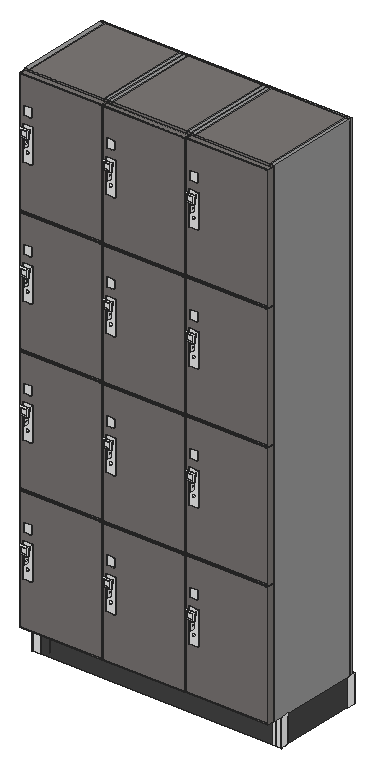
Revit family "Wood_Lockers_Hasps-Salsbury_Industries-44000_Series-3_Wide_Units.rfa", category Specialty Equipment, Revit 2016 (continued)
Definition of nested family "Wood Locker Flat Corner Fillers"
  Reference planes (in)
    plane 3 "Center (Left/Right)": x = 0
    plane 4 "Right Side": x = 8.4375
    plane 5 "Left Side": x = -8.4375
    plane 6 "Front Side": y = -8.4375
    plane 7 "Back Side": y = 8.4375
    plane 8 "Bottom": z = 0
    plane 9 "Top Side": z = 0.75
    plane 10 "Wood - Laminate Line": z = 0.719
    plane 11: x = -5.4375
    plane 12: y = -5.4375
  Forms (in)
    Extrusion 1, solid, visible <- "Visible"
      sketch origin (0, 0, 0) x (0, -1, 0) y (1, 0, 0)
        loop
          line (-8.4375, -8.4375) -> (5.4375, -8.4375) -> (5.4375, -5.4375) -> (8.4375, -5.4375) -> (8.4375, 8.4375) -> (-8.4375, 8.4375) -> (-8.4375, -8.4375)
      from 0 to 0.719
    Extrusion 2, solid, material <- "Laminate Surface", visible <- "Visible"
      sketch origin (0, 0, 0.75) x (1, 0, 0) y (0, 1, 0)
        loop
          line (-8.4375, -5.4375) -> (-5.4375, -5.4375) -> (-5.4375, -8.4375) -> (8.4375, -8.4375) -> (8.4375, 8.4375) -> (-8.4375, 8.4375) -> (-8.4375, -5.4375)
      from -0.031 to 0
  Dimensions and locks (in)
    equal spacing: plane 6 "Front Side", plane 1 "Center (Front/Back)", plane 7 "Back Side"
    equal spacing: plane 5 "Left Side", plane 3 "Center (Left/Right)", plane 4 "Right Side"
    "Width": plane 5 "Left Side" to plane 4 "Right Side"
    "Depth": plane 6 "Front Side" to plane 7 "Back Side"
    "Height": plane 9 "Top Side" to plane 8 "Bottom"
    locked: plane 9 "Top Side" to plane 10 "Wood - Laminate Line" at 0.031
    locked: plane 6 "Front Side" to plane 12 at 3
    locked: plane 5 "Left Side" to plane 11 at 3
    plane 12 to plane 7 "Back Side" = 13.875"
    aligned and locked: level to plane 2
  Automatic sketch dimensions
    Extrusion 2 sketch curve to plane 5 "Left Side" = 0.000"
    plane 6 "Front Side" to Extrusion 2 sketch curve = 0.000"
    Extrusion 2 sketch curve to plane 11 = 0.000"
    Extrusion 2 sketch curve to plane 4 "Right Side" = 0.000"
    Extrusion 2 sketch curve to plane 12 = 0.000"
    plane 7 "Back Side" to Extrusion 2 sketch curve = 0.000"
    Extrusion 1 sketch curve to plane 5 "Left Side" = 0.000"
    plane 7 "Back Side" to Extrusion 1 sketch curve = 0.000"
    Extrusion 1 sketch curve to plane 12 = 0.000"
    Extrusion 1 sketch curve to plane 4 "Right Side" = 0.000"
    plane 6 "Front Side" to Extrusion 1 sketch curve = 0.000"
    Extrusion 1 sketch curve to plane 11 = 0.000"
Definition of nested family "Wood Locker Side Panels-No Slope"
  Parameters (values of type "44330 - 6' H for 15"D Lockers")
    Width = 14.625"
    Visible = yes
    Version = "1.0 (12/15/23)"
    Type Comments = "Side Panel for Premier Wood Lockers without Sloping Hood"
    Model = "44330"
    Manufacturer = "Salsbury Industries"
    Laminate Surface = none
    Height = 72.000"
    Door Trim = none
    Description = "6' H for 15\" D Lockers"
    Depth = 0.750"
  Types (6): name | Width | Visible | Version | Type Comments | Model | Manufacturer | Description
    (no name) | 14.625" | yes | "1.0 (12/15/23)" | "Side Panel for Premier Wood Lockers without Sloping Hood" | "44330" | "Salsbury Industries" | "6' H for 15\" D Lockers"
    44330 - 6' H for 15"D Lockers | 14.625" | yes | "1.0 (12/15/23)" | "Side Panel for Premier Wood Lockers without Sloping Hood" | "44330" | "Salsbury Industries" | "6' H for 15\" D Lockers"
    44333 - 6' H for 18" D Lockers | 17.625" | yes | "1.0 (12/15/23)" | "Side Panel for Premier Wood Lockers withouth Sloping Hood" | "44333" | "Salsbury Industries" | "6' H for 18\" D Lockers"
    44335 - 6' H for 21" D Lockers | 20.625" | yes | "1.0 (12/15/23)" | "Side Panel for Premier Wood Lockers without Sloping Hood" | "44335" | "Salsbury Industries" | "6' H for 21\" D Lockers"
    None | 14.000" | no | "" | "" | "" | "" | ""
    44237 - 6' H for 24" D Lockers | 23.625" | yes | "1.0 (12/15/23)" | "Side Panel for Premier Wood Lockers without Sloping Hood" | "44237" | "Salsbury Industries" | "6' H for 21\" D Lockers"
  Reference planes (in)
    plane 1 "Center (Front/Back)": y = 0
    plane 2: z = 0
    plane 3 "Center (Left/Right)": x = 0
    plane 4 "Back": y = 0.375
    plane 5 "Front": y = -0.375
    plane 6 "Left Side": x = -7.3125
    plane 7 "Right Side": x = 7.3125
    plane 8 "Bottom": z = 0
    plane 9 "Top": z = 72
    plane 10 "Center Elevation": z = 36
    plane 11 "Wood - Laminate Edge": y = -0.344
    plane 12 "Right Side of Wood": x = 7.2815
    plane 13 "Left Side of Wood": x = -7.2815
    plane 14 "Top of Wood": z = 71.969
    plane 15 "Bottom of Wood": z = 0.031
  Forms (in)
    Extrusion 1, solid, visible <- "Visible"
      sketch origin (0, 0.375, 0) x (1, 0, 0) y (0, 0, 1)
        loop
          line (7.2815, 71.969) -> (-7.2815, 71.969) -> (-7.2815, 0.031) -> (7.2815, 0.031) -> (7.2815, 71.969)
      from 0 to 0.719
    Extrusion 2, solid, material <- "Laminate Surface", visible <- "Visible"
      sketch origin (0, -0.375, 0) x (1, 0, 0) y (0, 0, 1)
        loop
          line (-7.3125, 72) -> (-7.3125, 0) -> (7.3125, 0) -> (7.3125, 72) -> (-7.3125, 72)
      from -0.031 to 0
    Extrusion 3, solid, material <- "Laminate Surface", visible <- "Visible"
      sketch origin (0, 0, 0) x (1, 0, 0) y (0, 0, 1)
        loop
          line (-7.3125, 0) -> (7.3125, 0) -> (7.3125, 72) -> (-7.3125, 72) -> (-7.3125, 0)
        loop
          line (-7.2815, 0.031) -> (7.2815, 0.031) -> (7.2815, 71.969) -> (-7.2815, 71.969) -> (-7.2815, 0.031)
      from -0.375 to 0.344
  Dimensions and locks (in)
    equal spacing: plane 6 "Left Side", plane 3 "Center (Left/Right)", plane 7 "Right Side"
    plane 5 "Front" to plane 1 "Center (Front/Back)" to plane 4 "Back" = 0.375", 0.375"
    "Width": plane 6 "Left Side" to plane 7 "Right Side"
    "Depth": plane 5 "Front" to plane 4 "Back"
    equal spacing: plane 9 "Top", plane 10 "Center Elevation", plane 8 "Bottom"
    "Height": plane 9 "Top" to plane 8 "Bottom"
    locked: plane 5 "Front" to plane 11 "Wood - Laminate Edge" at 0.031
    locked: plane 15 "Bottom of Wood" to plane 8 "Bottom" at 0.031
    locked: plane 12 "Right Side of Wood" to plane 7 "Right Side" at 0.031
    locked: plane 6 "Left Side" to plane 13 "Left Side of Wood" at 0.031
    locked: plane 9 "Top" to plane 14 "Top of Wood" at 0.031
    aligned and locked: level to plane 2
    aligned and locked: Extrusion 2 sketch curve to plane 7 "Right Side"
    aligned and locked: plane 8 "Bottom" to Extrusion 2 sketch curve
    aligned and locked: plane 6 "Left Side" to Extrusion 2 sketch curve
    aligned and locked: plane 9 "Top" to Extrusion 2 sketch curve
    aligned and locked: Extrusion 3 to plane 4 "Back"
    aligned and locked: plane 11 "Wood - Laminate Edge" to Extrusion 3
  Automatic sketch dimensions
    plane 13 "Left Side of Wood" to Extrusion 1 sketch curve = 0.000"
    plane 12 "Right Side of Wood" to Extrusion 1 sketch curve = 0.000"
    Extrusion 1 sketch curve to plane 15 "Bottom of Wood" = 0.000"
    Extrusion 1 sketch curve to plane 14 "Top of Wood" = 0.000"
    plane 13 "Left Side of Wood" to Extrusion 3 sketch curve = 0.000"
    Extrusion 3 sketch curve to level = 0.000"
    plane 13 "Left Side of Wood" to Extrusion 3 sketch curve = 0.031"
    plane 12 "Right Side of Wood" to Extrusion 3 sketch curve = 0.000"
    plane 7 "Right Side" to Extrusion 3 sketch curve = 0.000"
    Extrusion 3 sketch curve to plane 15 "Bottom of Wood" = 0.000"
    Extrusion 3 sketch curve to plane 14 "Top of Wood" = 0.000"
    Extrusion 3 sketch curve to plane 9 "Top" = 0.000"
Definition of nested family "Wood Locker Side Panels-With Slope"
  Parameters (values of type "44334 - 6' H  for 18" D Lockers")
    Width = 17.625"
    Visible = yes
    Version = "1.0 (12/15/23)"
    Type Comments = "Side Panel for Premier Wood Lockers with Sloping Hood"
    Slope Height = 6.806"
    Model = "44334"
    Manufacturer = "Salsbury Industries"
    Laminate Surface = none
    Height = 72.062"
    Door Trim = none
    Description = "6' H for 18\" D Lockers"
    Depth = 0.750"
  Types (6): name | Width | Visible | Version | Type Comments | Slope Height | Model | Manufacturer | Height | Description
    (no name) | 17.625" | yes | "1.0 (12/15/23)" | "Side Panel for Premier Wood Lockers with Sloping Hood" | 6.806" | "44334" | "Salsbury Industries" | 72.062" | "6' H for 18\" D Lockers"
    44334 - 6' H  for 18" D Lockers | 17.625" | yes | "1.0 (12/15/23)" | "Side Panel for Premier Wood Lockers with Sloping Hood" | 6.806" | "44334" | "Salsbury Industries" | 72.062" | "6' H for 18\" D Lockers"
    44336 - 6' H for 21" D Lockers | 20.625" | yes | "1.0 (12/15/23)" | "Side Panel for Premier Wood Lockers with Sloping Hood" | 7.931" | "44336" | "Salsbury Industries" | 72.062" | "6' H for 21\" D Lockers"
    None | 14.625" | no | "" | "" | 5.681" | "" | "" | 72.062" | ""
    44339 - 6' H for 15" D Lockers | 14.625" | yes | "1.0 (12/15/23)" | "Side Panel for Premier Wood Lockers with Sloping Hood" | 5.681" | "44339" | "Salsbury Industries" | 72.062" | "6' H for 15\" D Lockers"
    44238- 6' H for 24" D Lockers | 23.625" | yes | "1.0 (12/15/23)" | "Side Panel for Premier Wood Lockers with Sloping Hood" | 8.608" | "44238" | "Salsbury Industries" | 72.153" | "6' H for 24\" D Lockers"
  Reference planes (in)
    plane 1 "Center (Front/Back)": y = 0
    plane 2: z = 0
    plane 3 "Center (Left/Right)": x = 0
    plane 4 "Back": y = 0.375
    plane 5 "Front": y = -0.375
    plane 6 "Left Side": x = -8.8125
    plane 7 "Right Side": x = 8.8125
    plane 8 "Bottom": z = 0
    plane 9 "Top": z = 72.062
    plane 10 "Center Elevation": z = 36.031
    plane 11 "Wood - Laminate Edge": y = -0.344
    plane 12 "Right Side of Wood": x = 8.7815
    plane 13 "Left Side of Wood": x = -8.7815
    plane 14 "Top of Wood": z = 71.937
    plane 15 "Bottom of Wood": z = 0.031
    plane 16: z = 78.868
    plane 17: z = 78.743
  Forms (in)
    Extrusion 1, solid, visible <- "Visible"
      sketch origin (0, 0.375, 0) x (1, 0, 0) y (0, 0, 1)
        loop
          line (-8.8125, 78.837) -> (-8.8125, 0) -> (8.7815, 0) -> (8.7815, 72.04287) -> (-8.8125, 78.837)
      from 0 to 0.719
    Extrusion 2, solid, material <- "Laminate Surface", visible <- "Visible"
      sketch origin (0, -0.375, 0) x (1, 0, 0) y (0, 0, 1)
        loop
          line (-8.8125, 0) -> (8.8125, 0) -> (8.8125, 72.062) -> (-8.8125, 78.868) -> (-8.8125, 0)
      from -0.031 to 0
    Extrusion 3, solid, material <- "Laminate Surface", visible <- "Visible"
      sketch origin (0, -0.375, 0) x (1, 0, 0) y (0, 0, 1)
        loop
          line (8.8125, 0) -> (8.8125, 72.062) -> (-8.8125, 78.868) -> (-8.8125, 78.837) -> (8.7815, 72.04287) -> (8.7815, 0) -> (8.8125, 0)
      from -0.031 to -0.75
  Dimensions and locks (in)
    equal spacing: plane 6 "Left Side", plane 3 "Center (Left/Right)", plane 7 "Right Side"
    plane 5 "Front" to plane 1 "Center (Front/Back)" to plane 4 "Back" = 0.375", 0.375"
    "Width": plane 6 "Left Side" to plane 7 "Right Side"
    "Depth": plane 5 "Front" to plane 4 "Back"
    equal spacing: plane 9 "Top", plane 10 "Center Elevation", plane 8 "Bottom"
    "Height": plane 9 "Top" to plane 8 "Bottom"
    locked: plane 5 "Front" to plane 11 "Wood - Laminate Edge" at 0.031
    locked: plane 15 "Bottom of Wood" to plane 8 "Bottom" at 0.031
    locked: plane 12 "Right Side of Wood" to plane 7 "Right Side" at 0.031
    locked: plane 6 "Left Side" to plane 13 "Left Side of Wood" at 0.031
    locked: plane 9 "Top" to plane 14 "Top of Wood" at 0.125
    "Slope Height": plane 16 to plane 9 "Top"
    locked: plane 16 to plane 17 at 0.125
    aligned and locked: level to plane 2
    aligned and locked: Extrusion 3 to plane 4 "Back"
    aligned and locked: plane 11 "Wood - Laminate Edge" to Extrusion 3
  Automatic sketch dimensions
    plane 6 "Left Side" to Extrusion 2 sketch curve = 0.000"
    plane 7 "Right Side" to Extrusion 2 sketch curve = 0.000"
    Extrusion 2 sketch curve to level = 0.000"
    Extrusion 2 sketch curve to plane 9 "Top" = 0.000"
    Extrusion 2 sketch curve to plane 16 = 0.000"
    Extrusion 1 sketch curve to level = 0.000"
    plane 6 "Left Side" to Extrusion 1 sketch curve = 0.000"
    plane 12 "Right Side of Wood" to Extrusion 1 sketch curve = 0.000"
    plane 9 "Top" to Extrusion 1 sketch curve = 0.01913"
    plane 6 "Left Side" to Extrusion 3 sketch curve = 0.000"
    plane 12 "Right Side of Wood" to Extrusion 3 sketch curve = 0.000"
    plane 7 "Right Side" to Extrusion 3 sketch curve = 0.000"
    Extrusion 3 sketch curve to level = 0.000"
    Extrusion 3 sketch curve to plane 9 "Top" = 0.000"
    Extrusion 3 sketch curve to plane 16 = 0.000"
    plane 9 "Top" to Extrusion 3 sketch curve = 0.01913"
    plane 16 to Extrusion 3 sketch curve = 0.031"
    plane 16 to Extrusion 1 sketch curve = 0.031"
Definition of nested family "Wood Locker Double Side Panels-No Slope"
  Parameters (values of type "44330DE - 6' H for 15"D Lockers")
    Width = 29.250"
    Visible = yes
    Version = "1.0 (12/15/23)"
    Type Comments = "Double End Panel for Premier Wood Lockers"
    Model = "44330DE"
    Manufacturer = "Salsbury Industries"
    Laminate Surface = none
    Height = 72.000"
    Door Trim = none
    Description = "For 6' H x 15\" D without Sloping Hood"
    Depth = 0.750"
  Types (6): name | Width | Visible | Version | Type Comments | Model | Manufacturer | Description
    (no name) | 29.250" | yes | "1.0 (12/15/23)" | "Double End Panel for Premier Wood Lockers" | "44330DE" | "Salsbury Industries" | "For 6' H x 15\" D without Sloping Hood"
    44330DE - 6' H for 15"D Lockers | 29.250" | yes | "1.0 (12/15/23)" | "Double End Panel for Premier Wood Lockers" | "44330DE" | "Salsbury Industries" | "For 6' H x 15\" D without Sloping Hood"
    44333DE - 6' H for 18" D Lockers | 35.250" | yes | "1.0 (12/15/23)" | "Double End Panel for Premier Wood Lockers" | "44333DE" | "Salsbury Industries" | "For 6' H x 18\" D without Sloping Hood"
    44335DE - 6' H for 21" D Lockers | 41.250" | yes | "1.0 (12/15/23)" | "Double End Panel for Premier Wood Lockers" | "44335DE" | "Salsbury Industries" | "For 6' H x 21\" D without Sloping Hood"
    None | 14.000" | no | "" | "" | "" | "" | ""
    44237DE - 6' H for 24" D Lockers | 47.250" | yes | "1.0 (12/15/23)" | "Double End Panel for Premier Wood Lockers" | "44237DE" | "Salsbury Industries" | "For 6' H x 21\" D without Sloping Hood"
  Reference planes (in)
    plane 1 "Center (Front/Back)": y = 0
    plane 2: z = 0
    plane 3 "Center (Left/Right)": x = 0
    plane 4 "Back": y = 0.375
    plane 5 "Front": y = -0.375
    plane 6 "Left Side": x = -14.625
    plane 7 "Right Side": x = 14.625
    plane 8 "Bottom": z = 0
    plane 9 "Top": z = 72
    plane 10 "Center Elevation": z = 36
    plane 11 "Wood - Laminate Edge": y = -0.344
    plane 12 "Right Side of Wood": x = 14.594
    plane 13 "Left Side of Wood": x = -14.594
    plane 14 "Top of Wood": z = 71.969
    plane 15 "Bottom of Wood": z = 0.031
  Forms (in)
    Extrusion 1, solid, visible <- "Visible"
      sketch origin (0, 0.375, 0) x (1, 0, 0) y (0, 0, 1)
        loop
          line (14.594, 71.969) -> (-14.594, 71.969) -> (-14.594, 0.031) -> (14.594, 0.031) -> (14.594, 71.969)
      from 0 to 0.719
    Extrusion 2, solid, material <- "Laminate Surface", visible <- "Visible"
      sketch origin (0, -0.375, 0) x (1, 0, 0) y (0, 0, 1)
        loop
          line (-14.625, 72) -> (-14.625, 0) -> (14.625, 0) -> (14.625, 72) -> (-14.625, 72)
      from -0.031 to 0
    Extrusion 3, solid, material <- "Laminate Surface", visible <- "Visible"
      sketch origin (0, 0, 0) x (1, 0, 0) y (0, 0, 1)
        loop
          line (-14.625, 0) -> (14.625, 0) -> (14.625, 72) -> (-14.625, 72) -> (-14.625, 0)
        loop
          line (14.594, 71.969) -> (-14.594, 71.969) -> (-14.594, 0.031) -> (14.594, 0.031) -> (14.594, 71.969)
      from -0.375 to 0.344
  Dimensions and locks (in)
    equal spacing: plane 6 "Left Side", plane 3 "Center (Left/Right)", plane 7 "Right Side"
    plane 5 "Front" to plane 1 "Center (Front/Back)" to plane 4 "Back" = 0.375", 0.375"
    "Width": plane 6 "Left Side" to plane 7 "Right Side"
    "Depth": plane 5 "Front" to plane 4 "Back"
    equal spacing: plane 9 "Top", plane 10 "Center Elevation", plane 8 "Bottom"
    "Height": plane 9 "Top" to plane 8 "Bottom"
    locked: plane 5 "Front" to plane 11 "Wood - Laminate Edge" at 0.031
    locked: plane 15 "Bottom of Wood" to plane 8 "Bottom" at 0.031
    plane 12 "Right Side of Wood" to plane 7 "Right Side" = 0.031"
    locked: plane 6 "Left Side" to plane 13 "Left Side of Wood" at 0.031
    locked: plane 9 "Top" to plane 14 "Top of Wood" at 0.031
    aligned and locked: level to plane 2
    aligned and locked: plane 8 "Bottom" to Extrusion 2 sketch curve
    aligned and locked: plane 6 "Left Side" to Extrusion 2 sketch curve
    aligned and locked: Extrusion 2 sketch curve to plane 7 "Right Side"
    aligned and locked: plane 9 "Top" to Extrusion 2 sketch curve
    aligned and locked: Extrusion 3 to plane 4 "Back"
    aligned and locked: plane 11 "Wood - Laminate Edge" to Extrusion 3
  Automatic sketch dimensions
    plane 13 "Left Side of Wood" to Extrusion 1 sketch curve = 0.000"
    plane 12 "Right Side of Wood" to Extrusion 1 sketch curve = 0.000"
    Extrusion 1 sketch curve to plane 15 "Bottom of Wood" = 0.000"
    Extrusion 1 sketch curve to plane 14 "Top of Wood" = 0.000"
    Extrusion 3 sketch curve to level = 0.000"
    plane 6 "Left Side" to Extrusion 3 sketch curve = 0.000"
    plane 7 "Right Side" to Extrusion 3 sketch curve = 0.000"
    Extrusion 3 sketch curve to plane 9 "Top" = 0.000"
    plane 13 "Left Side of Wood" to Extrusion 3 sketch curve = 0.000"
    Extrusion 3 sketch curve to plane 15 "Bottom of Wood" = 0.000"
    Extrusion 3 sketch curve to plane 14 "Top of Wood" = 0.000"
    plane 12 "Right Side of Wood" to Extrusion 3 sketch curve = 0.000"
Definition of nested family "Wood Locker Double Side Panels-With Slope"
  Parameters (values of type "44339DE - 6' H for 15"D Lockers")
    Width = 29.250"
    Visible = yes
    Version = "1.0 (12/15/23)"
    Type Comments = "Double End Panel for Premier Wood Lockers"
    Slope Height = 5.681"
    Model = "44339DE"
    Manufacturer = "Salsbury Industries"
    Laminate Surface = none
    Height = 72.062"
    Door Trim = none
    Description = "For 6' H x 15\" D Lockers with Sloping Hood"
    Depth = 0.750"
  Types (6): name | Width | Visible | Version | Type Comments | Slope Height | Model | Manufacturer | Height | Description
    (no name) | 29.250" | yes | "1.0 (12/15/23)" | "Double End Panel for Premier Wood Lockers" | 5.681" | "44339DE" | "Salsbury Industries" | 72.062" | "For 6' H x 15\" D Lockers with Sloping Hood"
    44339DE - 6' H for 15"D Lockers | 29.250" | yes | "1.0 (12/15/23)" | "Double End Panel for Premier Wood Lockers" | 5.681" | "44339DE" | "Salsbury Industries" | 72.062" | "For 6' H x 15\" D Lockers with Sloping Hood"
    44334DE - 6' H  for 18" D Lockers | 35.250" | yes | "1.0 (12/15/23)" | "Double End Panel for Premier Wood Lockers" | 6.806" | "44334DE" | "Salsbury Industries" | 72.062" | "For 6' H x 18\" D Lockers with Sloping Hood"
    44336DE - 6' H for 21" D Lockers | 41.250" | yes | "1.0 (12/15/23)" | "Double End Panel for Premier Wood Lockers" | 7.931" | "44336DE" | "Salsbury Industries" | 72.062" | "For 6' H x 21\" D Lockers with Sloping Hood"
    None | 14.000" | no | "" | "" | 5.500" | "" | "" | 72.000" | ""
    44238DE - 6' H for 24" D Lockers | 47.250" | yes | "1.0 (12/15/23)" | "Double End Panel for Premier Wood Lockers" | 8.895" | "442386DE" | "Salsbury Industries" | 72.153" | "For 6' H x 21\" D Lockers with Sloping Hood"
  Reference planes (in)
    plane 1 "Center (Front/Back)": y = 0
    plane 2: z = 0
    plane 3 "Center (Left/Right)": x = 0
    plane 4 "Back": y = 0.375
    plane 5 "Front": y = -0.375
    plane 6 "Left Side": x = -14.625
    plane 7 "Right Side": x = 14.625
    plane 8 "Bottom": z = 0
    plane 9 "Top": z = 72.062
    plane 10 "Center Elevation": z = 36.031
    plane 11 "Wood - Laminate Edge": y = -0.344
    plane 12 "Right Side of Wood": x = 14.594
    plane 13 "Left Side of Wood": x = -14.594
    plane 14 "Top of Wood": z = 71.937
    plane 15 "Bottom of Wood": z = 0.125
    plane 16: z = 77.743
    plane 17: z = 77.712
  Forms (in)
    Extrusion 1, solid, visible <- "Visible"
      sketch origin (0, 0.375, 0) x (1, 0, 0) y (0, 0, 1)
        loop
          line (14.594, 72.031) -> (0, 77.712) -> (-14.594, 72.031) -> (-14.594, 0) -> (14.594, 0) -> (14.594, 72.031)
      from 0 to 0.719
    Extrusion 2, solid, material <- "Laminate Surface", visible <- "Visible"
      sketch origin (0, -0.375, 0) x (1, 0, 0) y (0, 0, 1)
        loop
          line (14.625, 0) -> (14.625, 72.062) -> (0, 77.743) -> (-14.625, 72.062) -> (-14.625, 0) -> (14.625, 0)
      from -0.031 to 0
    Extrusion 3, solid, material <- "Laminate Surface", visible <- "Visible"
      sketch origin (0, 0.375, 0) x (1, 0, 0) y (0, 0, 1)
        loop
          line (14.625, 0) -> (14.625, 72.062) -> (0, 77.743) -> (-14.625, 72.062) -> (-14.625, 0) -> (-14.594, 0) -> (-14.594, 72.031) -> (0, 77.712) -> (14.594, 72.031) -> (14.594, 0) -> (14.625, 0)
      from 0 to 0.719
  Dimensions and locks (in)
    equal spacing: plane 6 "Left Side", plane 3 "Center (Left/Right)", plane 7 "Right Side"
    plane 5 "Front" to plane 1 "Center (Front/Back)" to plane 4 "Back" = 0.375", 0.375"
    "Width": plane 6 "Left Side" to plane 7 "Right Side"
    "Depth": plane 5 "Front" to plane 4 "Back"
    equal spacing: plane 9 "Top", plane 10 "Center Elevation", plane 8 "Bottom"
    "Height": plane 9 "Top" to plane 8 "Bottom"
    locked: plane 5 "Front" to plane 11 "Wood - Laminate Edge" at 0.031
    locked: plane 15 "Bottom of Wood" to plane 8 "Bottom" at 0.125
    locked: plane 12 "Right Side of Wood" to plane 7 "Right Side" at 0.031
    locked: plane 6 "Left Side" to plane 13 "Left Side of Wood" at 0.031
    locked: plane 9 "Top" to plane 14 "Top of Wood" at 0.125
    "Slope Height": plane 16 to plane 9 "Top"
    locked: plane 16 to plane 17 at 0.031
    aligned and locked: level to plane 2
    aligned and locked: Extrusion 3 to plane 4 "Back"
    aligned and locked: plane 11 "Wood - Laminate Edge" to Extrusion 3
  Automatic sketch dimensions
    plane 6 "Left Side" to Extrusion 2 sketch curve = 0.000"
    Extrusion 2 sketch curve to plane 3 "Center (Left/Right)" = 0.000"
    plane 7 "Right Side" to Extrusion 2 sketch curve = 0.000"
    Extrusion 2 sketch curve to level = 0.000"
    Extrusion 2 sketch curve to plane 9 "Top" = 0.000"  (x2)
    Extrusion 2 sketch curve to plane 16 = 0.000"
    Extrusion 1 sketch curve to level = 0.000"
    plane 13 "Left Side of Wood" to Extrusion 1 sketch curve = 0.000"
    Extrusion 1 sketch curve to plane 3 "Center (Left/Right)" = 0.000"
    plane 12 "Right Side of Wood" to Extrusion 1 sketch curve = 0.000"
    Extrusion 1 sketch curve to plane 17 = 0.000"
    plane 9 "Top" to Extrusion 1 sketch curve = 0.031"  (x2)
    Extrusion 3 sketch curve to level = 0.000"  (x2)
    plane 6 "Left Side" to Extrusion 3 sketch curve = 0.000"
    plane 13 "Left Side of Wood" to Extrusion 3 sketch curve = 0.000"
    Extrusion 3 sketch curve to plane 3 "Center (Left/Right)" = 0.000"  (x2)
    plane 12 "Right Side of Wood" to Extrusion 3 sketch curve = 0.000"
    plane 7 "Right Side" to Extrusion 3 sketch curve = 0.000"
    Extrusion 3 sketch curve to plane 9 "Top" = 0.000"  (x2)
    plane 9 "Top" to Extrusion 3 sketch curve = 0.031"  (x2)
    Extrusion 3 sketch curve to plane 17 = 0.000"
    Extrusion 3 sketch curve to plane 16 = 0.000"
Definition of nested family "Wood Locker Front Fillers"
  Parameters (values of type "44469 - 9" W for 6' H Lockers without Base")
    Width = 9.000"
    Visible Base = no
    Visible = yes
    Version = "1.0 (1/31/24)"
    Type Comments = "Front Vertical Filler for Premier Wood Lockers"
    Model = "44469"
    Manufacturer = "Salsbury Industries"
    Laminate Surface = none
    Height = 72.000"
    Description = "For 6' H Lockers"
    Depth = 0.750"
    Base Height = 0.000"
  Types (6): name | Width | Visible Base | Visible | Version | Type Comments | Model | Manufacturer | Description | Base Height
    (no name) | 9.000" | no | yes | "1.0 (1/31/24)" | "Front Vertical Filler for Premier Wood Lockers" | "44469" | "Salsbury Industries" | "For 6' H Lockers" | 0.000"
    44467 - 15"W for 6' H Lockers with Base | 15.000" | yes | yes | "1.0 (01/31/24)" | "Front Vertical Filler for Premier Wood Lockers" | "444367" | "Salsbury Industries" | "For 6' H Lockers" | 4.000"
    None | 15.000" | no | no | "" | "" | "" | "" | "" | 4.000"
    44469 - 9" W for 6' H Lockers with Base | 9.000" | yes | yes | "1.0 (01/31/24)" | "Front Vertical Filler for Premier Wood Lockers" | "44469" | "Salsbury Industries" | "For 6' H Lockers" | 4.000"
    44467 - 15" W for 6'H Lockers without Base | 15.000" | no | yes | "1.0 (01/31/24)" | "Front Vertical Filler for Premier Wood Lockers" | "44467" | "Salsbury Industries" | "For 6' H Lockers" | 0.000"
    44469 - 9" W for 6' H Lockers without Base | 9.000" | no | yes | "1.0 (1/31/24)" | "Front Vertical Filler for Premier Wood Lockers" | "44469" | "Salsbury Industries" | "For 6' H Lockers" | 0.000"
  Reference planes (in)
    plane 1 "Center (Front/Back)": y = 0
    plane 2: z = 0
    plane 3 "Center (Left/Right)": x = 0
    plane 4 "Back": y = 0.375
    plane 5 "Front": y = -0.375
    plane 6 "Left Side": x = -4.5
    plane 7 "Right Side": x = 4.5
    plane 8 "Bottom": z = 0
    plane 9 "Top": z = 72
    plane 10 "Center Elevation": z = 36
    plane 11 "Wood - Laminate Edge": y = -0.344
    plane 12 "Right Side of Wood": x = 4.375
    plane 13 "Left Side of Wood": x = -4.375
    plane 14 "Top of Wood": z = 71.875
    plane 15 "Bottom of Wood": z = 0.125
    plane 16 "Front of Base Filler": y = 1
  Forms (in)
    Extrusion 1, solid, visible <- "Visible"
      sketch origin (0, 0.375, 0) x (1, 0, 0) y (0, 0, 1)
        loop
          line (4.5, 72) -> (-4.5, 72) -> (-4.5, 0) -> (4.5, 0) -> (4.5, 72)
      from 0 to 0.719
    Extrusion 2, solid, material <- "Laminate Surface", visible <- "Visible"
      sketch origin (0, -0.375, 0) x (1, 0, 0) y (0, 0, 1)
        loop
          line (-4.5, 72) -> (-4.5, 0) -> (4.5, 0) -> (4.5, 72) -> (-4.5, 72)
      from -0.031 to 0
    Extrusion 3, solid, visible <- "Visible Base"
      sketch origin (0, 0, 0) x (1, 0, 0) y (0, 1, 0)
        loop
          line (-4.5, 1.75) -> (-4.5, 0.375) -> (4.5, 0.375) -> (4.5, 1.75) -> (-4.5, 1.75)
      from 0 to 0.75
    Extrusion 4, solid, visible <- "Visible Base"
      sketch origin (0, 0, 0) x (1, 0, 0) y (0, 1, 0)
        loop
          line (-4.5, 1.75) -> (-4.5, 1) -> (4.5, 1) -> (4.5, 1.75) -> (-4.5, 1.75)
      from 0 to -4
  Dimensions and locks (in)
    equal spacing: plane 6 "Left Side", plane 3 "Center (Left/Right)", plane 7 "Right Side"
    plane 5 "Front" to plane 1 "Center (Front/Back)" to plane 4 "Back" = 0.375", 0.375"
    "Width": plane 6 "Left Side" to plane 7 "Right Side"
    "Depth": plane 5 "Front" to plane 4 "Back"
    equal spacing: plane 9 "Top", plane 10 "Center Elevation", plane 8 "Bottom"
    locked: plane 5 "Front" to plane 11 "Wood - Laminate Edge" at 0.031
    locked: plane 15 "Bottom of Wood" to plane 8 "Bottom" at 0.125
    locked: plane 12 "Right Side of Wood" to plane 7 "Right Side" at 0.125
    locked: plane 6 "Left Side" to plane 13 "Left Side of Wood" at 0.125
    locked: plane 9 "Top" to plane 14 "Top of Wood" at 0.125
    locked: plane 5 "Front" to plane 16 "Front of Base Filler" at 1.375
    "Base Height": plane 8 "Bottom" to plane 2
    "Height": plane 9 "Top" to plane 8 "Bottom"
    aligned and locked: level to plane 2
    aligned and locked: plane 8 "Bottom" to Extrusion 1
  Automatic sketch dimensions
    plane 6 "Left Side" to Extrusion 1 sketch curve = 0.000"
    plane 7 "Right Side" to Extrusion 1 sketch curve = 0.000"
    level to Extrusion 1 sketch curve = 0.000"
    Extrusion 1 sketch curve to plane 9 "Top" = 0.000"
    plane 6 "Left Side" to Extrusion 2 sketch curve = 0.000"
    plane 7 "Right Side" to Extrusion 2 sketch curve = 0.000"
    plane 15 "Bottom of Wood" to Extrusion 2 sketch curve = 0.125"
    Extrusion 2 sketch curve to plane 9 "Top" = 0.000"
    plane 4 "Back" to Extrusion 3 sketch curve = 0.000"
    Extrusion 3 sketch curve to plane 6 "Left Side" = 0.000"
    Extrusion 3 sketch curve to plane 7 "Right Side" = 0.000"
    Extrusion 3 sketch curve to plane 16 "Front of Base Filler" = 0.750"
    Extrusion 4 sketch curve to plane 6 "Left Side" = 0.000"
    Extrusion 4 sketch curve to plane 7 "Right Side" = 0.000"
    plane 16 "Front of Base Filler" to Extrusion 4 sketch curve = 0.000"
    Extrusion 4 sketch curve to plane 16 "Front of Base Filler" = 0.750"
Definition of nested family "Wood Locker Front Corner Filler"
  Parameters (values of type "44464 - for 6' H Lockers with Base")
    Width = 2.250"
    Visible Base = yes
    Visible = yes
    Version = "1.0 (12/15/23)"
    Type Comments = "Front Vertical Corner Filler for Designer Wood Lockers"
    Primary Structure Materials = none
    Model = "44464"
    Manufacturer = "Salsbury Industries"
    Laminate Surface = none
    Height = 72.000"
    Description = "For 6' H Lockers"
    Depth = 0.750"
    Base Primary Materials = none
    Base Height = 4.000"
  Types (3): name | Visible Base | Visible | Version | Type Comments | Model | Manufacturer | Description | Base Height
    None | no | no | "" | "" | "" | "" | "" | 4.000"
    44464 - for 6'H Lockers without Base | no | yes | "1.0 (12/15/23)" | "Front Vertical Corner Filler for Designer Wood Lockers" | "44464" | "Salsbury Industries" | "For 6' H Lockers" | 0.000"
    44464 - for 6' H Lockers with Base | yes | yes | "1.0 (12/15/23)" | "Front Vertical Corner Filler for Designer Wood Lockers" | "44464" | "Salsbury Industries" | "For 6' H Lockers" | 4.000"
  Reference planes (in)
    plane 1 "Center (Front/Back)": y = 0
    plane 2 "Bottom of Base": z = 0
    plane 3 "Center (Left/Right)": x = 0
    plane 4 "Back": y = 0.375
    plane 5 "Front": y = -0.375
    plane 6 "Left Side": x = -1.125
    plane 7 "Right Side": x = 1.125
    plane 8 "Bottom": z = 4
    plane 9 "Top": z = 76
    plane 10 "Center Elevation": z = 40
    plane 11 "Wood - Laminate Edge": y = -0.344
    plane 12 "Right Side of Wood": x = 1
    plane 13 "Left Side of Wood": x = -1
    plane 14 "Top of Wood": z = 75.875
    plane 15 "Bottom of Wood": z = 4.125
    plane 16 "Front of Base Filler": y = 1
  Forms (in)
    Extrusion 1, solid, material <- "Primary Structure Materials", visible <- "Visible"
      sketch origin (0, 0.375, 0) x (1, 0, 0) y (0, 0, 1)
        loop
          line (1.125, 76) -> (-1.156, 76) -> (-1.156, 4) -> (1.125, 4) -> (1.125, 76)
      from 0 to 0.719
    Extrusion 2, solid, material <- "Laminate Surface", visible <- "Visible"
      sketch origin (0, -0.375, 0) x (1, 0, 0) y (0, 0, 1)
        loop
          line (-1.125, 76) -> (-1.125, 4) -> (1.125, 4) -> (1.125, 76) -> (-1.125, 76)
      from -0.031 to 0
    Extrusion 3, solid, material <- "Primary Structure Materials", visible <- "Visible"
      sketch origin (-1.875, -1.5, 0) x (0, 1, 0) y (0, 0, 1)
        loop
          line (1.875, 76) -> (-1.125, 76) -> (-1.125, 4) -> (1.875, 4) -> (1.875, 76)
      from 0 to 0.719
    Extrusion 4, solid, material <- "Laminate Surface", visible <- "Visible"
      sketch origin (-1.125, -1.5, 0) x (0, 1, 0) y (0, 0, 1)
        loop
          line (-1.125, 76) -> (-1.125, 4) -> (1.156, 4) -> (1.156, 76) -> (-1.125, 76)
      from -0.031 to 0
    Extrusion 5, solid, material <- "Base Primary Materials", visible <- "Visible Base"
      sketch origin (0, 0, 0) x (1, 0, 0) y (0, 1, 0)
        loop
          line (-3.25, 1.75) -> (-3.25, -2.625) -> (-1.875, -2.625) -> (-1.875, 1.75) -> (-3.25, 1.75)
      from 4 to 4.75
    Extrusion 6, solid, material <- "Base Primary Materials", visible <- "Visible Base"
      sketch origin (0, 0, 0) x (1, 0, 0) y (0, 1, 0)
        loop
          line (-1.875, 1.75) -> (-1.875, 0.375) -> (1.125, 0.375) -> (1.125, 1.75) -> (-1.875, 1.75)
      from 4 to 4.75
    Extrusion 7, solid, material <- "Base Primary Materials", visible <- "Visible Base"
      sketch origin (0, 0, 0) x (1, 0, 0) y (0, 1, 0)
        loop
          line (1.125, 1.75) -> (-2.43407, 1.75) -> (-2.43407, 1) -> (1.125, 1) -> (1.125, 1.75)
      from 0 to 4
    Extrusion 8, solid, material <- "Base Primary Materials", visible <- "Visible Base"
      sketch origin (0, 0, 0) x (1, 0, 0) y (0, 1, 0)
        loop
          line (-3.25, 1.75) -> (-3.25, -2.625) -> (-2.43407, -2.625) -> (-2.43407, 1.75) -> (-3.25, 1.75)
      from 0 to 4
  Dimensions and locks (in)
    equal spacing: plane 6 "Left Side", plane 3 "Center (Left/Right)", plane 7 "Right Side"
    plane 5 "Front" to plane 1 "Center (Front/Back)" to plane 4 "Back" = 0.375", 0.375"
    "Width": plane 6 "Left Side" to plane 7 "Right Side"
    "Depth": plane 5 "Front" to plane 4 "Back"
    equal spacing: plane 9 "Top", plane 10 "Center Elevation", plane 8 "Bottom"
    "Height": plane 9 "Top" to plane 8 "Bottom"
    locked: plane 5 "Front" to plane 11 "Wood - Laminate Edge" at 0.031
    locked: plane 15 "Bottom of Wood" to plane 8 "Bottom" at 0.125
    locked: plane 12 "Right Side of Wood" to plane 7 "Right Side" at 0.125
    locked: plane 6 "Left Side" to plane 13 "Left Side of Wood" at 0.125
    locked: plane 9 "Top" to plane 14 "Top of Wood" at 0.125
    locked: plane 5 "Front" to plane 16 "Front of Base Filler" at 1.375
    "Base Height": plane 8 "Bottom" to plane 2 "Bottom of Base"
    aligned and locked: level to plane 2 "Bottom of Base"
    aligned and locked: plane 8 "Bottom" to Extrusion 1
    aligned and locked: Extrusion 7 to Extrusion 5
    aligned and locked: Extrusion 8 to Extrusion 5
    aligned and locked: Extrusion 7 to Extrusion 8
  Automatic sketch dimensions
    Extrusion 1 sketch curve to plane 9 "Top" = 0.000"
    Extrusion 1 sketch curve to plane 8 "Bottom" = 0.000"
    plane 7 "Right Side" to Extrusion 1 sketch curve = 0.000"
    plane 6 "Left Side" to Extrusion 1 sketch curve = 0.031"
    plane 6 "Left Side" to Extrusion 2 sketch curve = 0.000"
    plane 7 "Right Side" to Extrusion 2 sketch curve = 0.000"
    Extrusion 2 sketch curve to plane 8 "Bottom" = 0.000"
    Extrusion 2 sketch curve to plane 9 "Top" = 0.000"
    plane 9 "Top" to Extrusion 3 sketch curve = 0.000"
    plane 8 "Bottom" to Extrusion 3 sketch curve = 0.000"
    Extrusion 3 sketch curve to plane 4 "Back" = 0.000"
    plane 5 "Front" to Extrusion 3 sketch curve = 2.250"
    plane 8 "Bottom" to Extrusion 4 sketch curve = 0.000"
    plane 9 "Top" to Extrusion 4 sketch curve = 0.000"
    Extrusion 4 sketch curve to plane 11 "Wood - Laminate Edge" = 0.000"
    plane 5 "Front" to Extrusion 4 sketch curve = 2.250"
    plane 6 "Left Side" to Extrusion 5 sketch curve = 2.125"
    plane 6 "Left Side" to Extrusion 5 sketch curve = 0.750"
    plane 5 "Front" to Extrusion 5 sketch curve = 2.250"
    Extrusion 5 sketch curve to plane 16 "Front of Base Filler" = 0.750"
    plane 16 "Front of Base Filler" to Extrusion 7 sketch curve = 0.000"
    Extrusion 7 sketch curve to plane 7 "Right Side" = 0.000"
    plane 6 "Left Side" to Extrusion 7 sketch curve = 1.30907"
    Extrusion 7 sketch curve to plane 16 "Front of Base Filler" = 0.750"
    plane 6 "Left Side" to Extrusion 8 sketch curve = 2.125"
    Extrusion 8 sketch curve to Extrusion 8 sketch curve = 0.81593"
    plane 5 "Front" to Extrusion 8 sketch curve = 2.250"
    Extrusion 8 sketch curve to plane 16 "Front of Base Filler" = 0.750"
    plane 4 "Back" to Extrusion 6 sketch curve = 0.000"
    Extrusion 6 sketch curve to plane 7 "Right Side" = 0.000"
    plane 6 "Left Side" to Extrusion 6 sketch curve = 0.750"
    Extrusion 6 sketch curve to plane 16 "Front of Base Filler" = 0.750"
Definition of nested family "Wood Locker Sloping In-Line Fillers"
  Parameters (values of type "44481 - 15" W for 21" D Lockers")
    Width = 15.000"
    Visible = yes
    Version = "1.0 (12/15/23)"
    Type Comments = "Sloping Hood In-Line Filler for Premier Wood Lockers"
    Model = "44481"
    Manufacturer = "Salsbury Industries"
    Laminate Surface = none
    Height = 7.993"
    Description = "For 21\" D Lockers"
    Depth = 20.625"
  Types (10): name | Width | Visible | Version | Type Comments | Model | Manufacturer | Height | Description | Depth
    (no name) | 15.000" | yes | "1.0 (12/15/23)" | "Sloping Hood In-Line Filler for Premier Wood Lockers" | "44481" | "Salsbury Industries" | 7.993" | "For 21\" D Lockers" | 20.625"
    44487 - 15" W for 15" D Lockers | 15.000" | yes | "1.0 (12/15/23)" | "Sloping Hood In-Line Filler for Premier Wood Lockers" | "44487" | "Salsbury Industries" | 5.743" | "For 15\" D Lockers" | 14.625"
    44488 - 15" W for 18" D Lockers | 15.000" | yes | "1.0 (12/15/23)" | "Sloping Hood In-Line Filler for Premier Wood Lockers" | "44488" | "Salsbury Industries" | 6.868" | "For 18\" D Lockers" | 17.625"
    44481 - 15" W for 21" D Lockers | 15.000" | yes | "1.0 (12/15/23)" | "Sloping Hood In-Line Filler for Premier Wood Lockers" | "44481" | "Salsbury Industries" | 7.993" | "For 21\" D Lockers" | 20.625"
    None | 12.000" | no | "" | "" | "" | "" | 5.500" | "" | 14.000"
    44489 - 15" W for 24" D Lockers | 15.000" | yes | "1.0 (12/15/23)" | "Sloping Hood In-Line Filler for Premier Wood Lockers" | "44489" | "Salsbury Industries" | 8.875" | "For 24\" D Lockers" | 23.000"
    44488 - 9" W for 18" D Lockers | 9.000" | yes | "1.0 (12/15/23)" | "Sloping Hood In-Line Filler for Premier Wood Lockers" | "44488" | "Salsbury Industries" | 6.868" | "For 18\" D Lockers" | 17.625"
    44487 - 9" W for 15" D Lockers | 9.000" | yes | "1.0 (12/15/23)" | "Sloping Hood In-Line Filler for Premier Wood Lockers" | "44487" | "Salsbury Industries" | 5.743" | "For 15\" D Lockers" | 14.625"
    44481 - 9" W for 21" D Lockers | 9.000" | yes | "1.0 (12/15/23)" | "Sloping Hood In-Line Filler for Premier Wood Lockers" | "44481" | "Salsbury Industries" | 7.750" | "For 21\" D Lockers" | 20.000"
    44489 - 9" W for 24" D Lockers | 9.000" | yes | "1.0 (12/15/23)" | "Sloping Hood In-Line Filler for Premier Wood Lockers" | "44489" | "Salsbury Industries" | 8.875" | "For 24\" D Lockers" | 23.000"
  Reference planes (in)
    plane 1 "Center (Front/Back)": y = 0
    plane 2: z = 0
    plane 3 "Center (Left/Right)": x = 0
    plane 4 "Front of Hood": y = -10.3125
    plane 5 "Back of Hood": y = 10.3125
    plane 6 "Right Side of Hood": x = 7.5
    plane 7 "Left Side of Hood": x = -7.5
    plane 8 "Bottom of Hood": z = 0
    plane 9 "Top of Hood": z = 7.993
    plane 10: x = 6.75
    plane 11: x = -6.75
    plane 12: y = -10.2815
    plane 13: y = -9.5625
    plane 14: z = 7.962
    plane 15: z = 7.243
    plane 16: z = 0.062
    plane 17: z = 0.75
  Forms (in)
    Extrusion 1, solid, visible <- "Visible"
      sketch origin (0, 0, 0) x (0, 1, 0) y (0, 0, 1)
        loop
          line (-8.47273, 0) -> (10.3125, 7.243) -> (10.3125, 7.962) -> (-10.23269, 0.062) -> (-10.2815, 0.062) -> (-10.2815, 0) -> (-8.47273, 0)
      from -7.5 to 7.5
    Extrusion 2, solid, material <- "Laminate Surface", visible <- "Visible"
      sketch origin (0, 0, 0) x (0, 1, 0) y (0, 0, 1)
        loop
          line (-10.3125, 0.062) -> (-10.3125, 0) -> (-10.2815, 0) -> (-10.2815, 0.062) -> (-10.3125, 0.062)
      from -7.5 to 7.5
    Extrusion 3, solid, material <- "Laminate Surface", visible <- "Visible"
      sketch origin (0, 0, 0) x (0, 1, 0) y (0, 0, 1)
        loop
          line (10.3125, 7.993) -> (-10.3125, 0.062) -> (-10.23269, 0.062) -> (10.3125, 7.962) -> (10.3125, 7.993)
      from -7.5 to 7.5
  Dimensions and locks (in)
    equal spacing: plane 7 "Left Side of Hood", plane 3 "Center (Left/Right)", plane 6 "Right Side of Hood"
    "Width": plane 7 "Left Side of Hood" to plane 6 "Right Side of Hood"
    equal spacing: plane 4 "Front of Hood", plane 1 "Center (Front/Back)", plane 5 "Back of Hood"
    "Depth": plane 4 "Front of Hood" to plane 5 "Back of Hood"
    "Height": plane 9 "Top of Hood" to plane 8 "Bottom of Hood"
    plane 7 "Left Side of Hood" to plane 11 = 0.750"
    plane 10 to plane 6 "Right Side of Hood" = 0.750"
    plane 4 "Front of Hood" to plane 12 to plane 13 = 0.031" locked, 0.719" locked
    plane 15 to plane 14 to plane 9 "Top of Hood" = 0.719" locked, 0.031" locked
    locked: plane 16 to plane 8 "Bottom of Hood" at 0.062
    locked: plane 17 to plane 8 "Bottom of Hood" at 0.75
    aligned and locked: level to plane 2
    aligned and locked: Extrusion 1 to plane 6 "Right Side of Hood"
    aligned and locked: plane 7 "Left Side of Hood" to Extrusion 1
    aligned and locked: plane 7 "Left Side of Hood" to Extrusion 3
    aligned and locked: Extrusion 3 to plane 6 "Right Side of Hood"
    aligned and locked: Extrusion 2 to plane 6 "Right Side of Hood"
    aligned and locked: plane 7 "Left Side of Hood" to Extrusion 2
  Automatic sketch dimensions
    Extrusion 2 sketch curve to level = 0.000"
    Extrusion 2 sketch curve to plane 4 "Front of Hood" = 0.000"
    Extrusion 2 sketch curve to plane 12 = 0.000"
    plane 16 to Extrusion 2 sketch curve = 0.000"
    Extrusion 3 sketch curve to plane 4 "Front of Hood" = 0.000"
    plane 16 to Extrusion 3 sketch curve = 0.000"
    Extrusion 3 sketch curve to plane 5 "Back of Hood" = 0.000"
    plane 14 to Extrusion 3 sketch curve = 0.000"
    plane 9 "Top of Hood" to Extrusion 3 sketch curve = 0.000"
    Extrusion 3 sketch curve to plane 12 = 0.04881"
    Extrusion 1 sketch curve to level = 0.000"
    Extrusion 1 sketch curve to plane 12 = 0.000"
    plane 16 to Extrusion 1 sketch curve = 0.000"
    Extrusion 1 sketch curve to plane 5 "Back of Hood" = 0.000"
    plane 15 to Extrusion 1 sketch curve = 0.000"
    plane 14 to Extrusion 1 sketch curve = 0.000"
    Extrusion 1 sketch curve to plane 13 = 1.08977"
    Extrusion 1 sketch curve to plane 12 = 0.04881"
Definition of nested family "Wood Locker Flat In-Line Fillers"
  Parameters (values of type "44447 - 15" W for 15" D Lockers")
    Width = 15.000"
    Visible = yes
    Version = "1.0 (12/15/23)"
    Type Comments = "Flat Top In-Line Filler for Premier Wood Lockers"
    Model = "44447"
    Manufacturer = "Salsbury Industries"
    Laminate Surface = none
    Height = 0.750"
    Description = "For 15\" D Lockers"
    Depth = 13.250"
  Types (10): name | Width | Visible | Version | Type Comments | Model | Manufacturer | Description | Depth
    (no name) | 15.000" | yes | "1.0 (12/15/23)" | "Flat Top In-Line Filler for Premier Wood Lockers" | "44447" | "Salsbury Industries" | "For 15\" D Lockers" | 13.250"
    44447 - 15" W for 15" D Lockers | 15.000" | yes | "1.0 (12/15/23)" | "Flat Top In-Line Filler for Premier Wood Lockers" | "44447" | "Salsbury Industries" | "For 15\" D Lockers" | 13.250"
    44448 - 15" W for 18" D Lockers | 15.000" | yes | "1.0 (12/15/23)" | "Flat Top In-Line Filler for Premier Wood Lockers" | "44448" | "Salsbury Industries" | "For 18\" D Lockers" | 16.250"
    44441 - 15" W for 21" D Lockers | 15.000" | yes | "1.0 (12/15/23)" | "Flat Top In-Line Filler for Premier Wood Lockers" | "44441" | "Salsbury Industries" | "For 21\" D Lockers" | 19.250"
    None | 15.000" | no | "" | "" | "" | "" | "" | 13.250"
    44448 - 9" W for 18" D Lockers | 9.000" | yes | "1.0 (12/15/23)" | "Flat Top In-Line Filler for Premier Wood Lockers" | "44448" | "Salsbury Industries" | "For 18\" D Lockers" | 16.250"
    44447 - 9" W for 15" D Lockers | 9.000" | yes | "1.0 (12/15/23)" | "Flat Top In-Line Filler for Premier Wood Lockers" | "44447" | "Salsbury Industries" | "For 15\" D Lockers" | 13.250"
    44441 - 9" W for 21" D Lockers | 9.000" | yes | "1.0 (12/15/23)" | "Flat Top In-Line Filler for Premier Wood Lockers" | "44441" | "Salsbury Industries" | "For 21\" D Lockers" | 19.250"
    44449 - 15" W for 24" D Lockers | 15.000" | yes | "1.0 (12/15/23)" | "Flat Top In-Line Filler for Premier Wood Lockers" | "44449" | "Salsbury Industries" | "For 24\" D Lockers" | 22.250"
    44449 - 9" W for 24" D Lockers | 9.000" | yes | "1.0 (12/15/23)" | "Flat Top In-Line Filler for Premier Wood Lockers" | "44449" | "Salsbury Industries" | "For 24\" D Lockers" | 22.250"
  Reference planes (in)
    plane 1 "Center (Front/Back)": y = 0
    plane 2: z = 0
    plane 3 "Center (Left/Right)": x = 0
    plane 4 "Right Side": x = 7.5
    plane 5 "Left Side": x = -7.5
    plane 6 "Front Side": y = -6.625
    plane 7 "Back Side": y = 6.625
    plane 8 "Bottom": z = 0
    plane 9 "Top Side": z = 0.75
    plane 10 "Wood - Laminate Line": z = 0.719
  Forms (in)
    Extrusion 1, solid, visible <- "Visible"
      sketch origin (0, 0, 0) x (0, -1, 0) y (1, 0, 0)
        loop
          line (-6.625, -7.5) -> (6.625, -7.5) -> (6.625, 7.5) -> (-6.625, 7.5) -> (-6.625, -7.5)
      from 0 to 0.719
    Extrusion 2, solid, material <- "Laminate Surface", visible <- "Visible"
      sketch origin (0, 0, 0.75) x (1, 0, 0) y (0, 1, 0)
        loop
          line (-7.5, -6.625) -> (7.5, -6.625) -> (7.5, 6.625) -> (-7.5, 6.625) -> (-7.5, -6.625)
      from -0.031 to 0
  Dimensions and locks (in)
    equal spacing: plane 6 "Front Side", plane 1 "Center (Front/Back)", plane 7 "Back Side"
    equal spacing: plane 5 "Left Side", plane 3 "Center (Left/Right)", plane 4 "Right Side"
    "Width": plane 5 "Left Side" to plane 4 "Right Side"
    "Depth": plane 6 "Front Side" to plane 7 "Back Side"
    "Height": plane 9 "Top Side" to plane 8 "Bottom"
    locked: plane 9 "Top Side" to plane 10 "Wood - Laminate Line" at 0.031
    aligned and locked: level to plane 2
  Automatic sketch dimensions
    Extrusion 1 sketch curve to plane 4 "Right Side" = 0.000"
    plane 7 "Back Side" to Extrusion 1 sketch curve = 0.000"
    Extrusion 1 sketch curve to plane 5 "Left Side" = 0.000"
    plane 6 "Front Side" to Extrusion 1 sketch curve = 0.000"
    Extrusion 2 sketch curve to plane 5 "Left Side" = 0.000"
    plane 4 "Right Side" to Extrusion 2 sketch curve = 0.000"
    plane 6 "Front Side" to Extrusion 2 sketch curve = 0.000"
    Extrusion 2 sketch curve to plane 7 "Back Side" = 0.000"
Definition of nested family "Wood Locker Fascia Fillers"
  Parameters (values of type "44462 - for 3-Wide Units")
    Width = 36.000"
    Visible = yes
    Type Comments = "Front Fascia Filler for Premier Wood Lockers"
    Model = "44462"
    Manufacturer = "Salsbury Industries"
    Laminate Surface = none
    Height = 4.000"
    Description = "4' W for Standard Designer Lockers"
    Depth = 0.750"
  Types (4): name | Width | Visible | Type Comments | Model | Manufacturer | Description
    (no name) | 36.000" | yes | "Front Fascia Filler for Premier Wood Lockers" | "44462" | "Salsbury Industries" | "4' W for Standard Designer Lockers"
    44462 - for 1-Wide Units | 12.000" | yes | "Front Fascia Filler for Premier Wood Lockers" | "44462" | "Salsbury Industries" | "4' W for Standard Designer Lockers"
    None | 12.000" | no | "" | "" | "" | ""
    44462 - for 3-Wide Units | 36.000" | yes | "Front Fascia Filler for Premier Wood Lockers" | "44462" | "Salsbury Industries" | "4' W for Standard Designer Lockers"
  Reference planes (in)
    plane 1 "Center (Front/Back)": y = 0
    plane 2: z = 0
    plane 3 "Center (Left/Right)": x = 0
    plane 4 "Back": y = 0.375
    plane 5 "Front": y = -0.375
    plane 6 "Left Side": x = -18
    plane 7 "Right Side": x = 18
    plane 8 "Bottom": z = 0
    plane 9 "Top": z = 4
    plane 10 "Center Elevation": z = 2
    plane 11 "Wood - Laminate Edge": y = -0.344
    plane 12 "Right Side of Wood": x = 17.875
    plane 13 "Left Side of Wood": x = -17.875
    plane 14 "Top of Wood": z = 3.875
    plane 15 "Bottom of Wood": z = 0.125
    plane 16 "Base Bottom": z = 0
    plane 17 "Front of Base Filler": y = 1
  Forms (in)
    Extrusion 1, solid, visible <- "Visible"
      sketch origin (0, 0.375, 0) x (1, 0, 0) y (0, 0, 1)
        loop
          line (18, 4) -> (-18, 4) -> (-18, 0) -> (18, 0) -> (18, 4)
      from 0 to 0.719
    Extrusion 2, solid, material <- "Laminate Surface", visible <- "Visible"
      sketch origin (0, -0.375, 0) x (1, 0, 0) y (0, 0, 1)
        loop
          line (-18, 4) -> (-18, 0) -> (18, 0) -> (18, 4) -> (-18, 4)
      from -0.031 to 0
  Dimensions and locks (in)
    equal spacing: plane 6 "Left Side", plane 3 "Center (Left/Right)", plane 7 "Right Side"
    plane 5 "Front" to plane 1 "Center (Front/Back)" to plane 4 "Back" = 0.375", 0.375"
    "Width": plane 6 "Left Side" to plane 7 "Right Side"
    "Depth": plane 5 "Front" to plane 4 "Back"
    equal spacing: plane 9 "Top", plane 10 "Center Elevation", plane 8 "Bottom"
    "Height": plane 9 "Top" to plane 8 "Bottom"
    locked: plane 5 "Front" to plane 11 "Wood - Laminate Edge" at 0.031
    locked: plane 15 "Bottom of Wood" to plane 8 "Bottom" at 0.125
    locked: plane 12 "Right Side of Wood" to plane 7 "Right Side" at 0.125
    locked: plane 6 "Left Side" to plane 13 "Left Side of Wood" at 0.125
    locked: plane 9 "Top" to plane 14 "Top of Wood" at 0.125
    locked: plane 5 "Front" to plane 17 "Front of Base Filler" at 1.375
    aligned and locked: level to plane 2
    aligned and locked: Extrusion 1 to plane 8 "Bottom"
  Automatic sketch dimensions
    plane 6 "Left Side" to Extrusion 1 sketch curve = 0.000"
    plane 7 "Right Side" to Extrusion 1 sketch curve = 0.000"
    level to Extrusion 1 sketch curve = 0.000"
    Extrusion 1 sketch curve to plane 9 "Top" = 0.000"
    plane 6 "Left Side" to Extrusion 2 sketch curve = 0.000"
    plane 7 "Right Side" to Extrusion 2 sketch curve = 0.000"
    plane 15 "Bottom of Wood" to Extrusion 2 sketch curve = 0.125"
    Extrusion 2 sketch curve to plane 9 "Top" = 0.000"
Definition of nested family "Wood Locker Sloping Hoods"
  Parameters (values of type "44834- for 24" Deep Lockers (3 Wide)")
    Width = 54.000"
    Visible = yes
    Version = "1.0 (12/15/23)"
    Type Comments = "Sloping Hood for Premier Wood Lockers"
    Model = "834"
    Manufacturer = "Salsbury Industries"
    Laminate Surface = none
    Height = 9.118"
    Description = "For 24\" D - 3 Wide Lockers"
    Depth = 23.625"
  Types (20): name | Width | Visible | Version | Type Comments | Model | Manufacturer | Height | Description | Depth
    (no name) | 54.000" | yes | "1.0 (12/15/23)" | "Sloping Hood for Premier Wood Lockers" | "834" | "Salsbury Industries" | 9.118" | "For 24\" D - 3 Wide Lockers" | 23.625"
    44357 - for 15" Deep Lockers (1 Wide) | 12.000" | yes | "1.0 (12/15/23)" | "Sloping Hood for Premier Wood Lockers" | "44357" | "Salsbury Industries" | 5.743" | "For 15\" D - 1 Wide Lockers" | 14.625"
    44353 - for 18" Deep Lockers (1 Wide) | 12.000" | yes | "1.0 (12/15/23)" | "Sloping Hood for Premier Wood Lockers" | "44353" | "Salsbury Industries" | 6.868" | "For 18\" D - 1 Wide Lockers" | 17.625"
    44352 - for 21" Deep Lockers (1 Wide) | 12.000" | yes | "1.0 (12/15/23)" | "Sloping Hood for Premier Wood Lockers" | "44352" | "Salsbury Industries" | 7.993" | "For 21\" D - 1 Wide Lockers" | 20.625"
    44359 - for 15" Deep Lockers (3 Wide) | 36.000" | yes | "1.0 (12/15/23)" | "Sloping Hood for Premier Wood Lockers" | "44359" | "Salsbury Industries" | 5.743" | "For 15\" D - 3 Wide Lockers" | 14.625"
    44356 - for 18" Deep Lockers (3 Wide) | 36.000" | yes | "1.0 (12/15/23)" | "Sloping Hood for Premier Wood Lockers" | "44356" | "Salsbury Industries" | 6.868" | "For 18\" D - 3 Wide Lockers" | 17.625"
    44354 - for 21" Deep Lockers (3 Wide) | 36.000" | yes | "1.0 (12/15/23)" | "Sloping Hood for Premier Wood Lockers" | "44354" | "Salsbury Industries" | 7.993" | "For 21\" D - 3 Wide Lockers" | 20.625"
    44255 - for 24" Deep Lockers (1 Wide) | 15.000" | yes | "1.0 (12/15/23)" | "Sloping Hood for Premier Wood Lockers" | "44255" | "Salsbury Industries" | 9.118" | "For 24\" D - 1 Wood Lockers" | 23.625"
    442257 - for 24" Deep Lockers (3 Wide) | 45.000" | yes | "1.0 (12/15/23)" | "Sloping Hood for Premier Wod Lockers" | "44257" | "Salsbury Industries" | 9.118" | "For 24\" D - 3 Wide Lockers" | 23.625"
    44252 - for 21" Deep Lockers (1 Wide) | 15.000" | yes | "1.0 (12/15/23)" | "Sloping Hood for 15\" Wide Premier Wood Lockers" | "44252" | "Salsbury Industries" | 7.993" | "For 21\" D - 1 Wide Lockers" | 20.625"
    44254 - for 21" Deep Lockers (3 Wide) | 45.000" | yes | "1.0 (12/15/23)" | "Sloping Hood for 15\" Wide Premier Wood Lockers" | "44254" | "Salsbury Industries" | 7.993" | "For 21\" D - 3 Wide Lockers" | 20.625"
    44251 - for 18" Deep Lockers (1 Wide) | 15.000" | yes | "1.0 (12/15/23)" | "Sloping Hood for 15\"Wide Premier Wood Lockers" | "44251" | "Salsbury Industries" | 6.868" | "For 18\" D - 1 Wide Lockers" | 17.625"
    44253 - for 18" Deep Lockers (3 Wide) | 45.000" | yes | "1.0 (12/15/23)" | "Sloping Hood for 15\" Wide Premier Wood Lockers" | "44253" | "Salsbury Industries" | 6.868" | "For 18\" D - 3 Wide Lockers" | 17.625"
    None | 12.000" | no | "" | "" | "" | "" | 5.743" | "" | 14.625"
    44818 - for 18" Deep Lockers (1 Wide) | 18.000" | yes | "1.0 (12/15/23)" | "Sloping Hood for Premier Wood Lockers" | "44818" | "Salsbury Industries" | 6.868" | "For 18\" D - 1 Wide Lockers" | 17.625"
    44811- for 21" Deep Lockers (1 Wide) | 18.000" | yes | "1.0 (12/15/23)" | "Sloping Hood for Premier Wood Lockers" | "44811" | "Salsbury Industries" | 7.993" | "For 21\" D - 1 Wide Lockers" | 20.625"
    44814- for 24" Deep Lockers (1 Wide) | 18.000" | yes | "1.0 (12/15/23)" | "Sloping Hood for Premier Wood Lockers" | "44814" | "Salsbury Industries" | 9.118" | "For 24\" D - 1 Wide Lockers" | 23.625"
    44838- for 18" Deep Lockers (3 Wide) | 54.000" | yes | "1.0 (12/15/23)" | "Sloping Hood for Premier Wood Lockers" | "44838" | "Salsbury Industries" | 6.868" | "For 18\" D - 3 Wide Lockers" | 17.625"
    44831- for 21" Deep Lockers (3 Wide) | 54.000" | yes | "1.0 (12/15/23)" | "Sloping Hood for Premier Wood Lockers" | "44831" | "Salsbury Industries" | 7.993" | "For 21\" D - 3 Wide Lockers" | 20.625"
    44834- for 24" Deep Lockers (3 Wide) | 54.000" | yes | "1.0 (12/15/23)" | "Sloping Hood for Premier Wood Lockers" | "834" | "Salsbury Industries" | 9.118" | "For 24\" D - 3 Wide Lockers" | 23.625"
  Reference planes (in)
    plane 1 "Center (Front/Back)": y = 0
    plane 2: z = 0
    plane 3 "Center (Left/Right)": x = 0
    plane 4 "Front of Hood": y = -11.8125
    plane 5 "Back of Hood": y = 11.8125
    plane 6 "Right Side of Hood": x = 27
    plane 7 "Left Side of Hood": x = -27
    plane 8 "Bottom of Hood": z = 0
    plane 9 "Top of Hood": z = 9.118
    plane 10: x = 26.25
    plane 11: x = -26.25
    plane 12: y = -11.7815
    plane 13: y = -11.0625
    plane 14: z = 9.087
    plane 15: z = 8.368
    plane 16: z = 0.062
    plane 17: z = 0.75
  Forms (in)
    Extrusion 1, solid, visible <- "Visible"
      sketch origin (27, 0.37227, 0) x (0, -1, 0) y (0, 0, 1)
        loop
          line (-0.26039, 4.07368) -> (-0.26039, 0) -> (0.37227, 0) -> (0.37227, 3.83066) -> (-0.26039, 4.07368)
      from 0 to 54
    Extrusion 2, solid, visible <- "Visible"
      sketch origin (0, 0, 0) x (0, 1, 0) y (0, 0, 1)
        loop
          line (-9.97273, 0) -> (11.8125, 8.368) -> (11.8125, 9.087) -> (-11.73269, 0.062) -> (-11.7815, 0.062) -> (-11.7815, 0) -> (-9.97273, 0)
      from -27 to 27
    Extrusion 3, solid, material <- "Laminate Surface", visible <- "Visible"
      sketch origin (0, 0, 0) x (0, 1, 0) y (0, 0, 1)
        loop
          line (-11.8125, 0.062) -> (-11.8125, 0) -> (-11.7815, 0) -> (-11.7815, 0.062) -> (-11.8125, 0.062)
      from -27 to 27
    Extrusion 4, solid, material <- "Laminate Surface", visible <- "Visible"
      sketch origin (0, 0, 0) x (0, 1, 0) y (0, 0, 1)
        loop
          line (11.8125, 9.118) -> (-11.8125, 0.062) -> (-11.73269, 0.062) -> (11.8125, 9.087) -> (11.8125, 9.118)
      from -27 to 27
  Dimensions and locks (in)
    equal spacing: plane 7 "Left Side of Hood", plane 3 "Center (Left/Right)", plane 6 "Right Side of Hood"
    "Width": plane 7 "Left Side of Hood" to plane 6 "Right Side of Hood"
    equal spacing: plane 4 "Front of Hood", plane 1 "Center (Front/Back)", plane 5 "Back of Hood"
    "Depth": plane 4 "Front of Hood" to plane 5 "Back of Hood"
    "Height": plane 9 "Top of Hood" to plane 8 "Bottom of Hood"
    plane 7 "Left Side of Hood" to plane 11 = 0.750"
    plane 10 to plane 6 "Right Side of Hood" = 0.750"
    plane 4 "Front of Hood" to plane 12 to plane 13 = 0.031" locked, 0.719" locked
    plane 15 to plane 14 to plane 9 "Top of Hood" = 0.719" locked, 0.031" locked
    locked: plane 16 to plane 8 "Bottom of Hood" at 0.062
    locked: plane 17 to plane 8 "Bottom of Hood" at 0.75
    aligned and locked: level to plane 2
    aligned and locked: Extrusion 2 to plane 6 "Right Side of Hood"
    aligned and locked: plane 7 "Left Side of Hood" to Extrusion 2
    aligned and locked: plane 7 "Left Side of Hood" to Extrusion 4
    aligned and locked: Extrusion 4 to plane 6 "Right Side of Hood"
    aligned and locked: Extrusion 3 to plane 6 "Right Side of Hood"
    aligned and locked: plane 7 "Left Side of Hood" to Extrusion 3
    aligned and locked: Extrusion 2 to Extrusion 1 sketch curve
    aligned and locked: plane 7 "Left Side of Hood" to Extrusion 1
    aligned and locked: Extrusion 1 to plane 6 "Right Side of Hood"
  Automatic sketch dimensions
    Extrusion 3 sketch curve to level = 0.000"
    Extrusion 3 sketch curve to plane 4 "Front of Hood" = 0.000"
    Extrusion 3 sketch curve to plane 12 = 0.000"
    plane 16 to Extrusion 3 sketch curve = 0.000"
    Extrusion 4 sketch curve to plane 4 "Front of Hood" = 0.000"
    plane 16 to Extrusion 4 sketch curve = 0.000"
    Extrusion 4 sketch curve to plane 5 "Back of Hood" = 0.000"
    plane 14 to Extrusion 4 sketch curve = 0.000"
    plane 9 "Top of Hood" to Extrusion 4 sketch curve = 0.000"
    Extrusion 4 sketch curve to plane 12 = 0.04881"
